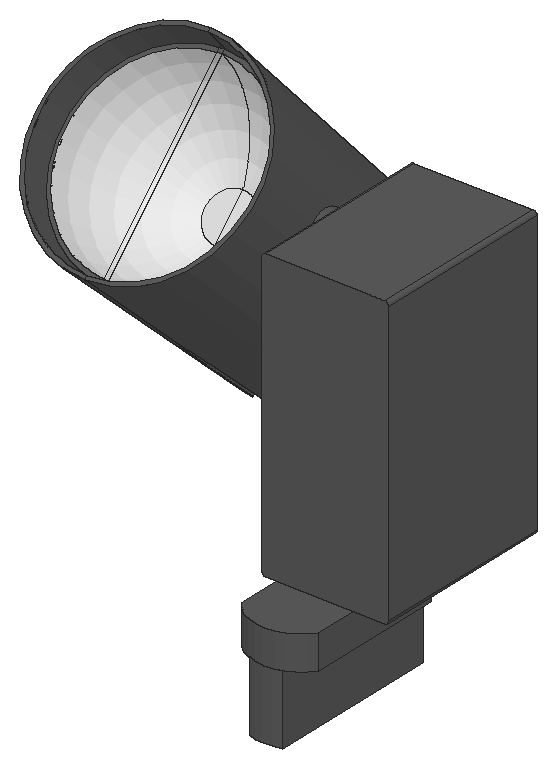
Revit family "0004836 Feilo Sylvania Lighting Fixture START TRACK SPOT S 14W 3K RA80 MB BLACK", category Lighting Fixtures, host Face, Revit 2017 (continued)
Definition of nested family "Start Track Spot Head"
  Types (96, lengths in mm): name | Wattage | built-in parameter 1150134 | Photometric Web File | Model | built-in parameter 1150105 | Lumens | built-in parameter 1150107 | built-in parameter 1150106 | HeadThickness_FEILO | HeadRibOffset_FEILO | HeadRibDepth_FEILO | HeadRibCutWidth_FEILO | HeadRibCutOffset_FEILO | HeadReflectorRadius_FEILO | HeadReflectorOffset_FEILO | HeadLEDRadius_FEILO | HeadHeight_FEILO | HeadDiffusorOffset_FEILO | HeadDiaOut_FEILO | HeadDiaIn_FEILO | HeadAxisFromTop_FEILO | Emit from Circle Diameter | built-in parameter 1150104 | Description | Apparent Load
    0004864 START TRACK SPOT S 24W 3K RA90 WB WHITE | 24 W | (empty or 0) | "0004864.ies" | "START TRACK SPOT S 24W 3K RA90 WB WHITE" | 152.79 (stored number, unit not read) | 1920 lm | 3000 (stored number, unit not read) | 1.5279 (stored number, unit not read) | 1.5 | 4.179 | 55.714 | 7.167 | 50.87 | 50.588 | 55.714 | 9.556 | 117 | 9.435 | 86 | 77.477 | 69.354 | 77.477 | 7.4322 (stored number, unit not read) | "Integrated LED spotlight, Textured White - RAL9016, compact and minimalist design, ideal for retail applications, die-cast aluminium body, passive cooling heatsink. Beam angle: 64°, color temperature: 3000K , total system power: 24W, total fixture output: 1928 lm, LOR: 100%, colour rendering: Ra: 90 typical, LED Chromaticity: 3 step MacAdam ellipse, lifetime: >50000 hours at L70B50, energy class: A++, A+, A, IR/UV free light source without heat radiation, operating voltage: 220-240V / 50-60Hz, drive current: 600mA, electronic driver, non-dimmable, power factor: 0.95, electrical protection: Class II, Global Track 3 Phase adapter suitable for Global trac 3-circuit tracks, ingress protection rating: IP20, suitable for internal environment only, horizontal rotation: 355°, vertical tilt: 90°, dimensions: Ø86x140x200, weight: 0.966kg." | 24 VA
    0004863 START TRACK SPOT S 24W 3K RA90 MB WHITE | 24 W | (empty or 0) | "0004863.ies" | "START TRACK SPOT S 24W 3K RA90 MB WHITE" | 154.7 (stored number, unit not read) | 1944 lm | 3000 (stored number, unit not read) | 1.547 (stored number, unit not read) | 1.5 | 4.179 | 55.714 | 7.167 | 50.87 | 50.588 | 55.714 | 9.556 | 117 | 9.435 | 86 | 77.477 | 69.354 | 77.477 | 7.5251 (stored number, unit not read) | "Integrated LED spotlight, Textured White - RAL9016, compact and minimalist design, ideal for retail applications, die-cast aluminium body, passive cooling heatsink. Beam angle: 36°, color temperature: 3000K , total system power: 24W, total fixture output: 1944 lm, LOR: 100%, colour rendering: Ra: 90 typical, LED Chromaticity: 3 step MacAdam ellipse, lifetime: >50000 hours at L70B50, energy class: A++, A+, A, IR/UV free light source without heat radiation, operating voltage: 220-240V / 50-60Hz, drive current: 600mA, electronic driver, non-dimmable, power factor: 0.95, electrical protection: Class II, Global Track 3 Phase adapter suitable for Global trac 3-circuit tracks, ingress protection rating: IP20, suitable for internal environment only, horizontal rotation: 355°, vertical tilt: 90°, dimensions: Ø86x140x200, weight: 0.966kg." | 24 VA
    0004862 START TRACK SPOT S 24W 3K RA90 NB WHITE | 24 W | (empty or 0) | "0004862.ies" | "START TRACK SPOT S 24W 3K RA90 NB WHITE" | 158.52 (stored number, unit not read) | 1992 lm | 3000 (stored number, unit not read) | 1.5852 (stored number, unit not read) | 1.5 | 4.179 | 55.714 | 7.167 | 50.87 | 50.588 | 55.714 | 9.556 | 117 | 9.435 | 86 | 77.477 | 69.354 | 77.477 | 7.711 (stored number, unit not read) | "Integrated LED spotlight, Textured White - RAL9016, compact and minimalist design, ideal for retail applications, die-cast aluminium body, passive cooling heatsink. Beam angle: 12°, color temperature: 3000K , total system power: 24W, total fixture output: 1987 lm, LOR: 100%, colour rendering: Ra: 90 typical, LED Chromaticity: 3 step MacAdam ellipse, lifetime: >50000 hours at L70B50, energy class: A++, A+, A, IR/UV free light source without heat radiation, operating voltage: 220-240V / 50-60Hz, drive current: 600mA, electronic driver, non-dimmable, power factor: 0.95, electrical protection: Class II, Global Track 3 Phase adapter suitable for Global trac 3-circuit tracks, ingress protection rating: IP20, suitable for internal environment only, horizontal rotation: 355°, vertical tilt: 90°, dimensions: Ø86x140x200, weight: 0.966kg." | 24 VA
    0004861 START TRACK SPOT S 14W 3K RA90 WB WHITE | 14 W | (empty or 0) | "0004861.ies" | "START TRACK SPOT S 14W 3K RA90 WB WHITE" | 100.27 (stored number, unit not read) | 1260 lm | 3000 (stored number, unit not read) | 1.0027 (stored number, unit not read) | 1.5 | 4.179 | 55.714 | 7.167 | 50.87 | 50.588 | 55.714 | 9.556 | 117 | 9.435 | 86 | 77.477 | 69.354 | 77.477 | 8.3613 (stored number, unit not read) | "Integrated LED spotlight, Textured White - RAL9016, compact and minimalist design, ideal for retail applications, die-cast aluminium body, passive cooling heatsink. Beam angle: 64°, color temperature: 3000K , total system power: 14W, total fixture output: 1262 lm, LOR: 100%, colour rendering: Ra: 90 typical, LED Chromaticity: 3 step MacAdam ellipse, lifetime: >50000 hours at L70B50, energy class: A++, A+, A, IR/UV free light source without heat radiation, operating voltage: 220-240V / 50-60Hz, drive current: 350mA, electronic driver, non-dimmable, power factor: 0.92, electrical protection: Class II, Global Track 3 Phase adapter suitable for Global trac 3-circuit tracks, ingress protection rating: IP20, suitable for internal environment only, horizontal rotation: 355°, vertical tilt: 90°, dimensions: Ø86x140x200, weight: 0.940kg." | 14 VA
    0004860 START TRACK SPOT S 14W 3K RA90 MB WHITE | 14 W | (empty or 0) | "0004860.ies" | "START TRACK SPOT S 14W 3K RA90 MB WHITE" | 100.27 (stored number, unit not read) | 1260 lm | 3000 (stored number, unit not read) | 1.0027 (stored number, unit not read) | 1.5 | 4.179 | 55.714 | 7.167 | 50.87 | 50.588 | 55.714 | 9.556 | 117 | 9.435 | 86 | 77.477 | 69.354 | 77.477 | 8.3613 (stored number, unit not read) | "Integrated LED spotlight, Textured White - RAL9016, compact and minimalist design, ideal for retail applications, die-cast aluminium body, passive cooling heatsink. Beam angle: 36°, color temperature: 3000K , total system power: 14W, total fixture output: 1262 lm, LOR: 100%, colour rendering: Ra: 90 typical, LED Chromaticity: 3 step MacAdam ellipse, lifetime: >50000 hours at L70B50, energy class: A++, A+, A, IR/UV free light source without heat radiation, operating voltage: 220-240V / 50-60Hz, drive current: 350mA, electronic driver, non-dimmable, power factor: 0.92, electrical protection: Class II, Global Track 3 Phase adapter suitable for Global trac 3-circuit tracks, ingress protection rating: IP20, suitable for internal environment only, horizontal rotation: 355°, vertical tilt: 90°, dimensions: Ø86x140x200, weight: 0.940kg." | 14 VA
    0004859 START TRACK SPOT S 14W 3K RA90 NB WHITE | 14 W | (empty or 0) | "0004859.ies" | "START TRACK SPOT S 14W 3K RA90 NB WHITE" | 102.5 (stored number, unit not read) | 1288 lm | 3000 (stored number, unit not read) | 1.025 (stored number, unit not read) | 1.5 | 4.179 | 55.714 | 7.167 | 50.87 | 50.588 | 55.714 | 9.556 | 117 | 9.435 | 86 | 77.477 | 69.354 | 77.477 | 8.5471 (stored number, unit not read) | "Integrated LED spotlight, Textured White - RAL9016, compact and minimalist design, ideal for retail applications, die-cast aluminium body, passive cooling heatsink. Beam angle: 12°, color temperature: 3000K , total system power: 14W, total fixture output: 1284 lm, LOR: 100%, colour rendering: Ra: 90 typical, LED Chromaticity: 3 step MacAdam ellipse, lifetime: >50000 hours at L70B50, energy class: A++, A+, A, IR/UV free light source without heat radiation, operating voltage: 220-240V / 50-60Hz, drive current: 350mA, electronic driver, non-dimmable, power factor: 0.92, electrical protection: Class II, Global Track 3 Phase adapter suitable for Global trac 3-circuit tracks, ingress protection rating: IP20, suitable for internal environment only, horizontal rotation: 355°, vertical tilt: 90°, dimensions: Ø86x140x200, weight: 0.940kg." | 14 VA
    0004858 START TRACK SPOT L 55W 4K RA80 WB BLACK | 55 W | 12 | "0004858.ies" | "START TRACK SPOT L 55W 4K RA80 WB BLACK" | 424.55 (stored number, unit not read) | 5335 lm | 4000 (stored number, unit not read) | 4.2455 (stored number, unit not read) | 2 | 4.429 | 59.048 | 9.417 | 53.913 | 66.471 | 59.048 | 12.556 | 124 | 10 | 113 | 101.802 | 73.503 | 101.802 | 9.0116 (stored number, unit not read) | "Integrated LED spotlight, Textured Black - RAL9005, compact and minimalist design, ideal for retail applications, die-cast aluminium body, passive cooling heatsink. Beam angle: 52°, color temperature: 4000K , total system power: 55W, total fixture output: 5320 lm, LOR: 100%, colour rendering: Ra: 80 typical, LED Chromaticity: 3 step MacAdam ellipse, lifetime: >50000 hours at L70B50, energy class: A++, A+, A, IR/UV free light source without heat radiation, operating voltage: 220-240V / 50-60Hz, drive current: 1400mA, electronic driver, non-dimmable, power factor: 0.96, electrical protection: Class II, Global Track 3 Phase adapter suitable for Global trac 3-circuit tracks, ingress protection rating: IP20, suitable for internal environment only, horizontal rotation: 355°, vertical tilt: 90°, dimensions: Ø113x164x240, weight: 1.398kg." | 55 VA
    0004857 START TRACK SPOT L 55W 4K RA80 MB BLACK | 55 W | 12 | "0004857.ies" | "START TRACK SPOT L 55W 4K RA80 MB BLACK" | 428.92 (stored number, unit not read) | 5390 lm | 4000 (stored number, unit not read) | 4.2892 (stored number, unit not read) | 2 | 4.429 | 59.048 | 9.417 | 53.913 | 66.471 | 59.048 | 12.556 | 124 | 10 | 113 | 101.802 | 73.503 | 101.802 | 9.1045 (stored number, unit not read) | "Integrated LED spotlight, Textured Black - RAL9005, compact and minimalist design, ideal for retail applications, die-cast aluminium body, passive cooling heatsink. Beam angle: 38°, color temperature: 4000K , total system power: 55W, total fixture output: 5378 lm, LOR: 100%, colour rendering: Ra: 80 typical, LED Chromaticity: 3 step MacAdam ellipse, lifetime: >50000 hours at L70B50, energy class: A++, A+, A, IR/UV free light source without heat radiation, operating voltage: 220-240V / 50-60Hz, drive current: 1400mA, electronic driver, non-dimmable, power factor: 0.96, electrical protection: Class II, Global Track 3 Phase adapter suitable for Global trac 3-circuit tracks, ingress protection rating: IP20, suitable for internal environment only, horizontal rotation: 355°, vertical tilt: 90°, dimensions: Ø113x164x240, weight: 1.398kg." | 55 VA
    0004856 START TRACK SPOT L 55W 4K RA80 NB BLACK | 55 W | 12 | "0004856.ies" | "START TRACK SPOT L 55W 4K RA80 NB BLACK" | 433.3 (stored number, unit not read) | 5445 lm | 4000 (stored number, unit not read) | 4.333 (stored number, unit not read) | 2 | 4.429 | 59.048 | 9.417 | 53.913 | 66.471 | 59.048 | 12.556 | 124 | 10 | 113 | 101.802 | 73.503 | 101.802 | 9.1974 (stored number, unit not read) | "Integrated LED spotlight, Textured Black - RAL9005, compact and minimalist design, ideal for retail applications, die-cast aluminium body, passive cooling heatsink. Beam angle: 15°, color temperature: 4000K , total system power: 55W, total fixture output: 5426 lm, LOR: 100%, colour rendering: Ra: 80 typical, LED Chromaticity: 3 step MacAdam ellipse, lifetime: >50000 hours at L70B50, energy class: A++, A+, A, IR/UV free light source without heat radiation, operating voltage: 220-240V / 50-60Hz, drive current: 1400mA, electronic driver, non-dimmable, power factor: 0.96, electrical protection: Class II, Global Track 3 Phase adapter suitable for Global trac 3-circuit tracks, ingress protection rating: IP20, suitable for internal environment only, horizontal rotation: 355°, vertical tilt: 90°, dimensions: Ø113x164x240, weight: 1.398kg." | 55 VA
    0004855 START TRACK SPOT L 35W 4K RA80 WB BLACK | 35 W | 12 | "0004855.ies" | "START TRACK SPOT L 35W 4K RA80 WB BLACK" | 320.3 (stored number, unit not read) | 4025 lm | 4000 (stored number, unit not read) | 3.203 (stored number, unit not read) | 2 | 4.429 | 59.048 | 9.417 | 53.913 | 66.471 | 59.048 | 12.556 | 124 | 10 | 113 | 101.802 | 73.503 | 101.802 | 10.684 (stored number, unit not read) | "Integrated LED spotlight, Textured Black - RAL9005, compact and minimalist design, ideal for retail applications, die-cast aluminium body, passive cooling heatsink. Beam angle: 52°, color temperature: 4000K , total system power: 35W, total fixture output: 4010 lm, LOR: 100%, colour rendering: Ra: 80 typical, LED Chromaticity: 3 step MacAdam ellipse, lifetime: >50000 hours at L70B50, energy class: A++, A+, A, IR/UV free light source without heat radiation, operating voltage: 220-240V / 50-60Hz, drive current: 900mA, electronic driver, non-dimmable, power factor: 0.93, electrical protection: Class II, Global Track 3 Phase adapter suitable for Global trac 3-circuit tracks, ingress protection rating: IP20, suitable for internal environment only, horizontal rotation: 355°, vertical tilt: 90°, dimensions: Ø113x164x240, weight: 1.368kg." | 35 VA
    0004854 START TRACK SPOT L 35W 4K RA80 MB BLACK | 35 W | 12 | "0004854.ies" | "START TRACK SPOT L 35W 4K RA80 MB BLACK" | 320.3 (stored number, unit not read) | 4025 lm | 4000 (stored number, unit not read) | 3.203 (stored number, unit not read) | 2 | 4.429 | 59.048 | 9.417 | 53.913 | 66.471 | 59.048 | 12.556 | 124 | 10 | 113 | 101.802 | 73.503 | 101.802 | 10.684 (stored number, unit not read) | "Integrated LED spotlight, Textured Black - RAL9005, compact and minimalist design, ideal for retail applications, die-cast aluminium body, passive cooling heatsink. Beam angle: 38°, color temperature: 4000K , total system power: 35W, total fixture output: 4017 lm, LOR: 100%, colour rendering: Ra: 80 typical, LED Chromaticity: 3 step MacAdam ellipse, lifetime: >50000 hours at L70B50, energy class: A++, A+, A, IR/UV free light source without heat radiation, operating voltage: 220-240V / 50-60Hz, drive current: 900mA, electronic driver, non-dimmable, power factor: 0.93, electrical protection: Class II, Global Track 3 Phase adapter suitable for Global trac 3-circuit tracks, ingress protection rating: IP20, suitable for internal environment only, horizontal rotation: 355°, vertical tilt: 90°, dimensions: Ø113x164x240, weight: 1.368kg." | 35 VA
    0004853 START TRACK SPOT L 35W 4K RA80 NB BLACK | 35 W | 12 | "0004853.ies" | "START TRACK SPOT L 35W 4K RA80 NB BLACK" | 331.44 (stored number, unit not read) | 4165 lm | 4000 (stored number, unit not read) | 3.3144 (stored number, unit not read) | 2 | 4.429 | 59.048 | 9.417 | 53.913 | 66.471 | 59.048 | 12.556 | 124 | 10 | 113 | 101.802 | 73.503 | 101.802 | 11.055 (stored number, unit not read) | "Integrated LED spotlight, Textured Black - RAL9005, compact and minimalist design, ideal for retail applications, die-cast aluminium body, passive cooling heatsink. Beam angle: 15°, color temperature: 4000K , total system power: 35W, total fixture output: 4174 lm, LOR: 100%, colour rendering: Ra: 80 typical, LED Chromaticity: 3 step MacAdam ellipse, lifetime: >50000 hours at L70B50, energy class: A++, A+, A, IR/UV free light source without heat radiation, operating voltage: 220-240V / 50-60Hz, drive current: 900mA, electronic driver, non-dimmable, power factor: 0.93, electrical protection: Class II, Global Track 3 Phase adapter suitable for Global trac 3-circuit tracks, ingress protection rating: IP20, suitable for internal environment only, horizontal rotation: 355°, vertical tilt: 90°, dimensions: Ø113x164x240, weight: 1.368kg." | 35 VA
    0004852 START TRACK SPOT S 24W 4K RA80 WB BLACK | 24 W | 12 | "0004852.ies" | "START TRACK SPOT S 24W 4K RA80 WB BLACK" | 196.72 (stored number, unit not read) | 2472 lm | 4000 (stored number, unit not read) | 1.9672 (stored number, unit not read) | 1.5 | 4.179 | 55.714 | 7.167 | 50.87 | 50.588 | 55.714 | 9.556 | 117 | 9.435 | 86 | 77.477 | 69.354 | 77.477 | 9.569 (stored number, unit not read) | "Integrated LED spotlight, Textured Black - RAL9005, compact and minimalist design, ideal for retail applications, die-cast aluminium body, passive cooling heatsink. Beam angle: 64°, color temperature: 4000K , total system power: 24W, total fixture output: 2476 lm, LOR: 100%, colour rendering: Ra: 80 typical, LED Chromaticity: 3 step MacAdam ellipse, lifetime: >50000 hours at L70B50, energy class: A++, A+, A, IR/UV free light source without heat radiation, operating voltage: 220-240V / 50-60Hz, drive current: 600mA, electronic driver, non-dimmable, power factor: 0.95, electrical protection: Class II, Global Track 3 Phase adapter suitable for Global trac 3-circuit tracks, ingress protection rating: IP20, suitable for internal environment only, horizontal rotation: 355°, vertical tilt: 90°, dimensions: Ø86x140x200, weight: 0.966kg." | 24 VA
    0004851 START TRACK SPOT S 24W 4K RA80 MB BLACK | 24 W | 12 | "0004851.ies" | "START TRACK SPOT S 24W 4K RA80 MB BLACK" | 198.63 (stored number, unit not read) | 2496 lm | 4000 (stored number, unit not read) | 1.9863 (stored number, unit not read) | 1.5 | 4.179 | 55.714 | 7.167 | 50.87 | 50.588 | 55.714 | 9.556 | 117 | 9.435 | 86 | 77.477 | 69.354 | 77.477 | 9.6619 (stored number, unit not read) | "Integrated LED spotlight, Textured Black - RAL9005, compact and minimalist design, ideal for retail applications, die-cast aluminium body, passive cooling heatsink. Beam angle: 36°, color temperature: 4000K , total system power: 24W, total fixture output: 2487 lm, LOR: 100%, colour rendering: Ra: 80 typical, LED Chromaticity: 3 step MacAdam ellipse, lifetime: >50000 hours at L70B50, energy class: A++, A+, A, IR/UV free light source without heat radiation, operating voltage: 220-240V / 50-60Hz, drive current: 600mA, electronic driver, non-dimmable, power factor: 0.95, electrical protection: Class II, Global Track 3 Phase adapter suitable for Global trac 3-circuit tracks, ingress protection rating: IP20, suitable for internal environment only, horizontal rotation: 355°, vertical tilt: 90°, dimensions: Ø86x140x200, weight: 0.966kg." | 24 VA
    0004850 START TRACK SPOT S 24W 4K RA80 NB BLACK | 24 W | 12 | "0004850.ies" | "START TRACK SPOT S 24W 4K RA80 NB BLACK" | 200.54 (stored number, unit not read) | 2520 lm | 4000 (stored number, unit not read) | 2.0054 (stored number, unit not read) | 1.5 | 4.179 | 55.714 | 7.167 | 50.87 | 50.588 | 55.714 | 9.556 | 117 | 9.435 | 86 | 77.477 | 69.354 | 77.477 | 9.7548 (stored number, unit not read) | "Integrated LED spotlight, Textured Black - RAL9005, compact and minimalist design, ideal for retail applications, die-cast aluminium body, passive cooling heatsink. Beam angle: 12°, color temperature: 4000K , total system power: 24W, total fixture output: 2529 lm, LOR: 100%, colour rendering: Ra: 80 typical, LED Chromaticity: 3 step MacAdam ellipse, lifetime: >50000 hours at L70B50, energy class: A++, A+, A, IR/UV free light source without heat radiation, operating voltage: 220-240V / 50-60Hz, drive current: 600mA, electronic driver, non-dimmable, power factor: 0.95, electrical protection: Class II, Global Track 3 Phase adapter suitable for Global trac 3-circuit tracks, ingress protection rating: IP20, suitable for internal environment only, horizontal rotation: 355°, vertical tilt: 90°, dimensions: Ø86x140x200, weight: 0.966kg." | 24 VA
    0004849 START TRACK SPOT S 14W 4K RA80 WB BLACK | 14 W | 12 | "0004849.ies" | "START TRACK SPOT S 14W 4K RA80 WB BLACK" | 123.66 (stored number, unit not read) | 1554 lm | 4000 (stored number, unit not read) | 1.2366 (stored number, unit not read) | 1.5 | 4.179 | 55.714 | 7.167 | 50.87 | 50.588 | 55.714 | 9.556 | 117 | 9.435 | 86 | 77.477 | 69.354 | 77.477 | 10.312 (stored number, unit not read) | "Integrated LED spotlight, Textured Black - RAL9005, compact and minimalist design, ideal for retail applications, die-cast aluminium body, passive cooling heatsink. Beam angle: 64°, color temperature: 4000K , total system power: 14W, total fixture output: 1558 lm, LOR: 100%, colour rendering: Ra: 80 typical, LED Chromaticity: 3 step MacAdam ellipse, lifetime: >50000 hours at L70B50, energy class: A++, A+, A, IR/UV free light source without heat radiation, operating voltage: 220-240V / 50-60Hz, drive current: 350mA, electronic driver, non-dimmable, power factor: 0.92, electrical protection: Class II, Global Track 3 Phase adapter suitable for Global trac 3-circuit tracks, ingress protection rating: IP20, suitable for internal environment only, horizontal rotation: 355°, vertical tilt: 90°, dimensions: Ø86x140x200, weight: 0.940kg." | 14 VA
    0004848 START TRACK SPOT S 14W 4K RA80 MB BLACK | 14 W | 12 | "0004848.ies" | "START TRACK SPOT S 14W 4K RA80 MB BLACK" | 127.01 (stored number, unit not read) | 1596 lm | 4000 (stored number, unit not read) | 1.2701 (stored number, unit not read) | 1.5 | 4.179 | 55.714 | 7.167 | 50.87 | 50.588 | 55.714 | 9.556 | 117 | 9.435 | 86 | 77.477 | 69.354 | 77.477 | 10.591 (stored number, unit not read) | "Integrated LED spotlight, Textured Black - RAL9005, compact and minimalist design, ideal for retail applications, die-cast aluminium body, passive cooling heatsink. Beam angle: 36°, color temperature: 4000K , total system power: 14W, total fixture output: 1598 lm, LOR: 100%, colour rendering: Ra: 80 typical, LED Chromaticity: 3 step MacAdam ellipse, lifetime: >50000 hours at L70B50, energy class: A++, A+, A, IR/UV free light source without heat radiation, operating voltage: 220-240V / 50-60Hz, drive current: 350mA, electronic driver, non-dimmable, power factor: 0.92, electrical protection: Class II, Global Track 3 Phase adapter suitable for Global trac 3-circuit tracks, ingress protection rating: IP20, suitable for internal environment only, horizontal rotation: 355°, vertical tilt: 90°, dimensions: Ø86x140x200, weight: 0.940kg." | 14 VA
    0004847 START TRACK SPOT S 14W 4K RA80 NB BLACK | 14 W | 12 | "0004847.ies" | "START TRACK SPOT S 14W 4K RA80 NB BLACK" | 128.12 (stored number, unit not read) | 1610 lm | 4000 (stored number, unit not read) | 1.2812 (stored number, unit not read) | 1.5 | 4.179 | 55.714 | 7.167 | 50.87 | 50.588 | 55.714 | 9.556 | 117 | 9.435 | 86 | 77.477 | 69.354 | 77.477 | 10.684 (stored number, unit not read) | "Integrated LED spotlight, Textured Black - RAL9005, compact and minimalist design, ideal for retail applications, die-cast aluminium body, passive cooling heatsink. Beam angle: 12°, color temperature: 4000K , total system power: 14W, total fixture output: 1608 lm, LOR: 100%, colour rendering: Ra: 80 typical, LED Chromaticity: 3 step MacAdam ellipse, lifetime: >50000 hours at L70B50, energy class: A++, A+, A, IR/UV free light source without heat radiation, operating voltage: 220-240V / 50-60Hz, drive current: 350mA, electronic driver, non-dimmable, power factor: 0.92, electrical protection: Class II, Global Track 3 Phase adapter suitable for Global trac 3-circuit tracks, ingress protection rating: IP20, suitable for internal environment only, horizontal rotation: 355°, vertical tilt: 90°, dimensions: Ø86x140x200, weight: 0.940kg." | 14 VA
    0004846 START TRACK SPOT L 55W 3K RA80 WB BLACK | 55 W | (empty or 0) | "0004846.ies" | "START TRACK SPOT L 55W 3K RA80 WB BLACK" | 420.17 (stored number, unit not read) | 5280 lm | 3000 (stored number, unit not read) | 4.2017 (stored number, unit not read) | 2 | 4.429 | 59.048 | 9.417 | 53.913 | 66.471 | 59.048 | 12.556 | 124 | 10 | 113 | 101.802 | 73.503 | 101.802 | 8.9187 (stored number, unit not read) | "Integrated LED spotlight, Textured Black - RAL9005, compact and minimalist design, ideal for retail applications, die-cast aluminium body, passive cooling heatsink. Beam angle: 52°, color temperature: 3000K , total system power: 55W, total fixture output: 5298 lm, LOR: 100%, colour rendering: Ra: 80 typical, LED Chromaticity: 3 step MacAdam ellipse, lifetime: >50000 hours at L70B50, energy class: A++, A+, A, IR/UV free light source without heat radiation, operating voltage: 220-240V / 50-60Hz, drive current: 1400mA, electronic driver, non-dimmable, power factor: 0.96, electrical protection: Class II, Global Track 3 Phase adapter suitable for Global trac 3-circuit tracks, ingress protection rating: IP20, suitable for internal environment only, horizontal rotation: 355°, vertical tilt: 90°, dimensions: Ø113x164x240, weight: 1.398kg." | 55 VA
    0004845 START TRACK SPOT L 55W 3K RA80 MB BLACK | 55 W | (empty or 0) | "0004845.ies" | "START TRACK SPOT L 55W 3K RA80 MB BLACK" | 428.92 (stored number, unit not read) | 5390 lm | 3000 (stored number, unit not read) | 4.2892 (stored number, unit not read) | 2 | 4.429 | 59.048 | 9.417 | 53.913 | 66.471 | 59.048 | 12.556 | 124 | 10 | 113 | 101.802 | 73.503 | 101.802 | 9.1045 (stored number, unit not read) | "Integrated LED spotlight, Textured Black - RAL9005, compact and minimalist design, ideal for retail applications, die-cast aluminium body, passive cooling heatsink. Beam angle: 38°, color temperature: 3000K , total system power: 55W, total fixture output: 5381 lm, LOR: 100%, colour rendering: Ra: 80 typical, LED Chromaticity: 3 step MacAdam ellipse, lifetime: >50000 hours at L70B50, energy class: A++, A+, A, IR/UV free light source without heat radiation, operating voltage: 220-240V / 50-60Hz, drive current: 1400mA, electronic driver, non-dimmable, power factor: 0.96, electrical protection: Class II, Global Track 3 Phase adapter suitable for Global trac 3-circuit tracks, ingress protection rating: IP20, suitable for internal environment only, horizontal rotation: 355°, vertical tilt: 90°, dimensions: Ø113x164x240, weight: 1.398kg." | 55 VA
    0004844 START TRACK SPOT L 55W 3K RA80 NB BLACK | 55 W | (empty or 0) | "0004844.ies" | "START TRACK SPOT L 55W 3K RA80 NB BLACK" | 433.3 (stored number, unit not read) | 5445 lm | 3000 (stored number, unit not read) | 4.333 (stored number, unit not read) | 2 | 4.429 | 59.048 | 9.417 | 53.913 | 66.471 | 59.048 | 12.556 | 124 | 10 | 113 | 101.802 | 73.503 | 101.802 | 9.1974 (stored number, unit not read) | "Integrated LED spotlight, Textured Black - RAL9005, compact and minimalist design, ideal for retail applications, die-cast aluminium body, passive cooling heatsink. Beam angle: 15°, color temperature: 3000K , total system power: 55W, total fixture output: 5449 lm, LOR: 100%, colour rendering: Ra: 80 typical, LED Chromaticity: 3 step MacAdam ellipse, lifetime: >50000 hours at L70B50, energy class: A++, A+, A, IR/UV free light source without heat radiation, operating voltage: 220-240V / 50-60Hz, drive current: 1400mA, electronic driver, non-dimmable, power factor: 0.96, electrical protection: Class II, Global Track 3 Phase adapter suitable for Global trac 3-circuit tracks, ingress protection rating: IP20, suitable for internal environment only, horizontal rotation: 355°, vertical tilt: 90°, dimensions: Ø113x164x240, weight: 1.398kg." | 55 VA
    0004843 START TRACK SPOT L 35W 3K RA80 WB BLACK | 35 W | (empty or 0) | "0004843.ies" | "START TRACK SPOT L 35W 3K RA80 WB BLACK" | 314.73 (stored number, unit not read) | 3955 lm | 3000 (stored number, unit not read) | 3.1473 (stored number, unit not read) | 2 | 4.429 | 59.048 | 9.417 | 53.913 | 66.471 | 59.048 | 12.556 | 124 | 10 | 113 | 101.802 | 73.503 | 101.802 | 10.498 (stored number, unit not read) | "Integrated LED spotlight, Textured Black - RAL9005, compact and minimalist design, ideal for retail applications, die-cast aluminium body, passive cooling heatsink. Beam angle: 52°, color temperature: 3000K , total system power: 35W, total fixture output: 3943 lm, LOR: 100%, colour rendering: Ra: 80 typical, LED Chromaticity: 3 step MacAdam ellipse, lifetime: >50000 hours at L70B50, energy class: A++, A+, A, IR/UV free light source without heat radiation, operating voltage: 220-240V / 50-60Hz, drive current: 900mA, electronic driver, non-dimmable, power factor: 0.93, electrical protection: Class II, Global Track 3 Phase adapter suitable for Global trac 3-circuit tracks, ingress protection rating: IP20, suitable for internal environment only, horizontal rotation: 355°, vertical tilt: 90°, dimensions: Ø113x164x240, weight: 1.368kg." | 35 VA
    0004842 START TRACK SPOT L 35W 3K RA80 MB BLACK | 35 W | (empty or 0) | "0004842.ies" | "START TRACK SPOT L 35W 3K RA80 MB BLACK" | 320.3 (stored number, unit not read) | 4025 lm | 3000 (stored number, unit not read) | 3.203 (stored number, unit not read) | 2 | 4.429 | 59.048 | 9.417 | 53.913 | 66.471 | 59.048 | 12.556 | 124 | 10 | 113 | 101.802 | 73.503 | 101.802 | 10.684 (stored number, unit not read) | "Integrated LED spotlight, Textured Black - RAL9005, compact and minimalist design, ideal for retail applications, die-cast aluminium body, passive cooling heatsink. Beam angle: 38°, color temperature: 3000K , total system power: 35W, total fixture output: 4008 lm, LOR: 100%, colour rendering: Ra: 80 typical, LED Chromaticity: 3 step MacAdam ellipse, lifetime: >50000 hours at L70B50, energy class: A++, A+, A, IR/UV free light source without heat radiation, operating voltage: 220-240V / 50-60Hz, drive current: 900mA, electronic driver, non-dimmable, power factor: 0.93, electrical protection: Class II, Global Track 3 Phase adapter suitable for Global trac 3-circuit tracks, ingress protection rating: IP20, suitable for internal environment only, horizontal rotation: 355°, vertical tilt: 90°, dimensions: Ø113x164x240, weight: 1.368kg." | 35 VA
    0004841 START TRACK SPOT L 35W 3K RA80 NB BLACK | 35 W | (empty or 0) | "0004841.ies" | "START TRACK SPOT L 35W 3K RA80 NB BLACK" | 317.51 (stored number, unit not read) | 3990 lm | 3000 (stored number, unit not read) | 3.1751 (stored number, unit not read) | 2 | 4.429 | 59.048 | 9.417 | 53.913 | 66.471 | 59.048 | 12.556 | 124 | 10 | 113 | 101.802 | 73.503 | 101.802 | 10.591 (stored number, unit not read) | "Integrated LED spotlight, Textured Black - RAL9005, compact and minimalist design, ideal for retail applications, die-cast aluminium body, passive cooling heatsink. Beam angle: 15°, color temperature: 3000K , total system power: 35W, total fixture output: 4005 lm, LOR: 100%, colour rendering: Ra: 80 typical, LED Chromaticity: 3 step MacAdam ellipse, lifetime: >50000 hours at L70B50, energy class: A++, A+, A, IR/UV free light source without heat radiation, operating voltage: 220-240V / 50-60Hz, drive current: 900mA, electronic driver, non-dimmable, power factor: 0.93, electrical protection: Class II, Global Track 3 Phase adapter suitable for Global trac 3-circuit tracks, ingress protection rating: IP20, suitable for internal environment only, horizontal rotation: 355°, vertical tilt: 90°, dimensions: Ø113x164x240, weight: 1.368kg." | 35 VA
    0004840 START TRACK SPOT S 24W 3K RA80 WB BLACK | 24 W | (empty or 0) | "0004840.ies" | "START TRACK SPOT S 24W 3K RA80 WB BLACK" | 185.26 (stored number, unit not read) | 2328 lm | 3000 (stored number, unit not read) | 1.8526 (stored number, unit not read) | 1.5 | 4.179 | 55.714 | 7.167 | 50.87 | 50.588 | 55.714 | 9.556 | 117 | 9.435 | 86 | 77.477 | 69.354 | 77.477 | 9.0116 (stored number, unit not read) | "Integrated LED spotlight, Textured Black - RAL9005, compact and minimalist design, ideal for retail applications, die-cast aluminium body, passive cooling heatsink. Beam angle: 64°, color temperature: 3000K , total system power: 24W, total fixture output: 2318 lm, LOR: 100%, colour rendering: Ra: 80 typical, LED Chromaticity: 3 step MacAdam ellipse, lifetime: >50000 hours at L70B50, energy class: A++, A+, A, IR/UV free light source without heat radiation, operating voltage: 220-240V / 50-60Hz, drive current: 600mA, electronic driver, non-dimmable, power factor: 0.95, electrical protection: Class II, Global Track 3 Phase adapter suitable for Global trac 3-circuit tracks, ingress protection rating: IP20, suitable for internal environment only, horizontal rotation: 355°, vertical tilt: 90°, dimensions: Ø86x140x200, weight: 0.966kg." | 24 VA
    0004839 START TRACK SPOT S 24W 3K RA80 MB BLACK | 24 W | (empty or 0) | "0004839.ies" | "START TRACK SPOT S 24W 3K RA80 MB BLACK" | 183.35 (stored number, unit not read) | 2304 lm | 3000 (stored number, unit not read) | 1.8335 (stored number, unit not read) | 1.5 | 4.179 | 55.714 | 7.167 | 50.87 | 50.588 | 55.714 | 9.556 | 117 | 9.435 | 86 | 77.477 | 69.354 | 77.477 | 8.9187 (stored number, unit not read) | "Integrated LED spotlight, Textured Black - RAL9005, compact and minimalist design, ideal for retail applications, die-cast aluminium body, passive cooling heatsink. Beam angle: 36°, color temperature: 3000K , total system power: 24W, total fixture output: 2314 lm, LOR: 100%, colour rendering: Ra: 80 typical, LED Chromaticity: 3 step MacAdam ellipse, lifetime: >50000 hours at L70B50, energy class: A++, A+, A, IR/UV free light source without heat radiation, operating voltage: 220-240V / 50-60Hz, drive current: 600mA, electronic driver, non-dimmable, power factor: 0.95, electrical protection: Class II, Global Track 3 Phase adapter suitable for Global trac 3-circuit tracks, ingress protection rating: IP20, suitable for internal environment only, horizontal rotation: 355°, vertical tilt: 90°, dimensions: Ø86x140x200, weight: 0.966kg." | 24 VA
    0004838 START TRACK SPOT S 24W 3K RA80 NB BLACK | 24 W | (empty or 0) | "0004838.ies" | "START TRACK SPOT S 24W 3K RA80 NB BLACK" | 185.26 (stored number, unit not read) | 2328 lm | 3000 (stored number, unit not read) | 1.8526 (stored number, unit not read) | 1.5 | 4.179 | 55.714 | 7.167 | 50.87 | 50.588 | 55.714 | 9.556 | 117 | 9.435 | 86 | 77.477 | 69.354 | 77.477 | 9.0116 (stored number, unit not read) | "Integrated LED spotlight, Textured Black - RAL9005, compact and minimalist design, ideal for retail applications, die-cast aluminium body, passive cooling heatsink. Beam angle: 12°, color temperature: 3000K , total system power: 24W, total fixture output: 2334 lm, LOR: 100%, colour rendering: Ra: 80 typical, LED Chromaticity: 3 step MacAdam ellipse, lifetime: >50000 hours at L70B50, energy class: A++, A+, A, IR/UV free light source without heat radiation, operating voltage: 220-240V / 50-60Hz, drive current: 600mA, electronic driver, non-dimmable, power factor: 0.95, electrical protection: Class II, Global Track 3 Phase adapter suitable for Global trac 3-circuit tracks, ingress protection rating: IP20, suitable for internal environment only, horizontal rotation: 355°, vertical tilt: 90°, dimensions: Ø86x140x200, weight: 0.966kg." | 24 VA
    0004837 START TRACK SPOT S 14W 3K RA80 WB BLACK | 14 W | (empty or 0) | "0004837.ies" | "START TRACK SPOT S 14W 3K RA80 WB BLACK" | 119.21 (stored number, unit not read) | 1498 lm | 3000 (stored number, unit not read) | 1.1921 (stored number, unit not read) | 1.5 | 4.179 | 55.714 | 7.167 | 50.87 | 50.588 | 55.714 | 9.556 | 117 | 9.435 | 86 | 77.477 | 69.354 | 77.477 | 9.9406 (stored number, unit not read) | "Integrated LED spotlight, Textured Black - RAL9005, compact and minimalist design, ideal for retail applications, die-cast aluminium body, passive cooling heatsink. Beam angle: 64°, color temperature: 3000K , total system power: 14W, total fixture output: 1498 lm, LOR: 100%, colour rendering: Ra: 80 typical, LED Chromaticity: 3 step MacAdam ellipse, lifetime: >50000 hours at L70B50, energy class: A++, A+, A, IR/UV free light source without heat radiation, operating voltage: 220-240V / 50-60Hz, drive current: 350mA, electronic driver, non-dimmable, power factor: 0.92, electrical protection: Class II, Global Track 3 Phase adapter suitable for Global trac 3-circuit tracks, ingress protection rating: IP20, suitable for internal environment only, horizontal rotation: 355°, vertical tilt: 90°, dimensions: Ø86x140x200, weight: 0.940kg." | 14 VA
    0004836 START TRACK SPOT S 14W 3K RA80 MB BLACK | 14 W | (empty or 0) | "0004836.ies" | "START TRACK SPOT S 14W 3K RA80 MB BLACK" | 120.32 (stored number, unit not read) | 1512 lm | 3000 (stored number, unit not read) | 1.2032 (stored number, unit not read) | 1.5 | 4.179 | 55.714 | 7.167 | 50.87 | 50.588 | 55.714 | 9.556 | 117 | 9.435 | 86 | 77.477 | 69.354 | 77.477 | 10.034 (stored number, unit not read) | "Integrated LED spotlight, Textured Black - RAL9005, compact and minimalist design, ideal for retail applications, die-cast aluminium body, passive cooling heatsink. Beam angle: 36°, color temperature: 3000K , total system power: 14W, total fixture output: 1508 lm, LOR: 100%, colour rendering: Ra: 80 typical, LED Chromaticity: 3 step MacAdam ellipse, lifetime: >50000 hours at L70B50, energy class: A++, A+, A, IR/UV free light source without heat radiation, operating voltage: 220-240V / 50-60Hz, drive current: 350mA, electronic driver, non-dimmable, power factor: 0.92, electrical protection: Class II, Global Track 3 Phase adapter suitable for Global trac 3-circuit tracks, ingress protection rating: IP20, suitable for internal environment only, horizontal rotation: 355°, vertical tilt: 90°, dimensions: Ø86x140x200, weight: 0.940kg." | 14 VA
    0004835 START TRACK SPOT S 14W 3K RA80 NB BLACK | 14 W | (empty or 0) | "0004835.ies" | "START TRACK SPOT S 14W 3K RA80 NB BLACK" | 123.66 (stored number, unit not read) | 1554 lm | 3000 (stored number, unit not read) | 1.2366 (stored number, unit not read) | 1.5 | 4.179 | 55.714 | 7.167 | 50.87 | 50.588 | 55.714 | 9.556 | 117 | 9.435 | 86 | 77.477 | 69.354 | 77.477 | 10.312 (stored number, unit not read) | "Integrated LED spotlight, Textured Black - RAL9005, compact and minimalist design, ideal for retail applications, die-cast aluminium body, passive cooling heatsink. Beam angle: 12°, color temperature: 3000K , total system power: 14W, total fixture output: 1551 lm, LOR: 100%, colour rendering: Ra: 80 typical, LED Chromaticity: 3 step MacAdam ellipse, lifetime: >50000 hours at L70B50, energy class: A++, A+, A, IR/UV free light source without heat radiation, operating voltage: 220-240V / 50-60Hz, drive current: 350mA, electronic driver, non-dimmable, power factor: 0.92, electrical protection: Class II, Global Track 3 Phase adapter suitable for Global trac 3-circuit tracks, ingress protection rating: IP20, suitable for internal environment only, horizontal rotation: 355°, vertical tilt: 90°, dimensions: Ø86x140x200, weight: 0.940kg." | 14 VA
    0004834 START TRACK SPOT L 55W 4K RA80 WB WHITE | 55 W | 12 | "0004834.ies" | "START TRACK SPOT L 55W 4K RA80 WB WHITE" | 424.55 (stored number, unit not read) | 5335 lm | 4000 (stored number, unit not read) | 4.2455 (stored number, unit not read) | 2 | 4.429 | 59.048 | 9.417 | 53.913 | 66.471 | 59.048 | 12.556 | 124 | 10 | 113 | 101.802 | 73.503 | 101.802 | 9.0116 (stored number, unit not read) | "Integrated LED spotlight, Textured White - RAL9016, compact and minimalist design, ideal for retail applications, die-cast aluminium body, passive cooling heatsink. Beam angle: 52°, color temperature: 4000K , total system power: 55W, total fixture output: 5320 lm, LOR: 100%, colour rendering: Ra: 80 typical, LED Chromaticity: 3 step MacAdam ellipse, lifetime: >50000 hours at L70B50, energy class: A++, A+, A, IR/UV free light source without heat radiation, operating voltage: 220-240V / 50-60Hz, drive current: 1400mA, electronic driver, non-dimmable, power factor: 0.96, electrical protection: Class II, Global Track 3 Phase adapter suitable for Global trac 3-circuit tracks, ingress protection rating: IP20, suitable for internal environment only, horizontal rotation: 355°, vertical tilt: 90°, dimensions: Ø113x164x240, weight: 1.398kg." | 55 VA
    0004833 START TRACK SPOT L 55W 4K RA80 MB WHITE | 55 W | 12 | "0004833.ies" | "START TRACK SPOT L 55W 4K RA80 MB WHITE" | 428.92 (stored number, unit not read) | 5390 lm | 4000 (stored number, unit not read) | 4.2892 (stored number, unit not read) | 2 | 4.429 | 59.048 | 9.417 | 53.913 | 66.471 | 59.048 | 12.556 | 124 | 10 | 113 | 101.802 | 73.503 | 101.802 | 9.1045 (stored number, unit not read) | "Integrated LED spotlight, Textured White - RAL9016, compact and minimalist design, ideal for retail applications, die-cast aluminium body, passive cooling heatsink. Beam angle: 38°, color temperature: 4000K , total system power: 55W, total fixture output: 5378 lm, LOR: 100%, colour rendering: Ra: 80 typical, LED Chromaticity: 3 step MacAdam ellipse, lifetime: >50000 hours at L70B50, energy class: A++, A+, A, IR/UV free light source without heat radiation, operating voltage: 220-240V / 50-60Hz, drive current: 1400mA, electronic driver, non-dimmable, power factor: 0.96, electrical protection: Class II, Global Track 3 Phase adapter suitable for Global trac 3-circuit tracks, ingress protection rating: IP20, suitable for internal environment only, horizontal rotation: 355°, vertical tilt: 90°, dimensions: Ø113x164x240, weight: 1.398kg." | 55 VA
    0004832 START TRACK SPOT L 55W 4K RA80 NB WHITE | 55 W | 12 | "0004832.ies" | "START TRACK SPOT L 55W 4K RA80 NB WHITE" | 433.3 (stored number, unit not read) | 5445 lm | 4000 (stored number, unit not read) | 4.333 (stored number, unit not read) | 2 | 4.429 | 59.048 | 9.417 | 53.913 | 66.471 | 59.048 | 12.556 | 124 | 10 | 113 | 101.802 | 73.503 | 101.802 | 9.1974 (stored number, unit not read) | "Integrated LED spotlight, Textured White - RAL9016, compact and minimalist design, ideal for retail applications, die-cast aluminium body, passive cooling heatsink. Beam angle: 15°, color temperature: 4000K , total system power: 55W, total fixture output: 5426 lm, LOR: 100%, colour rendering: Ra: 80 typical, LED Chromaticity: 3 step MacAdam ellipse, lifetime: >50000 hours at L70B50, energy class: A++, A+, A, IR/UV free light source without heat radiation, operating voltage: 220-240V / 50-60Hz, drive current: 1400mA, electronic driver, non-dimmable, power factor: 0.96, electrical protection: Class II, Global Track 3 Phase adapter suitable for Global trac 3-circuit tracks, ingress protection rating: IP20, suitable for internal environment only, horizontal rotation: 355°, vertical tilt: 90°, dimensions: Ø113x164x240, weight: 1.398kg." | 55 VA
    0004831 START TRACK SPOT L 35W 4K RA80 WB WHITE | 35 W | 12 | "0004831.ies" | "START TRACK SPOT L 35W 4K RA80 WB WHITE" | 320.3 (stored number, unit not read) | 4025 lm | 4000 (stored number, unit not read) | 3.203 (stored number, unit not read) | 2 | 4.429 | 59.048 | 9.417 | 53.913 | 66.471 | 59.048 | 12.556 | 124 | 10 | 113 | 101.802 | 73.503 | 101.802 | 10.684 (stored number, unit not read) | "Integrated LED spotlight, Textured White - RAL9016, compact and minimalist design, ideal for retail applications, die-cast aluminium body, passive cooling heatsink. Beam angle: 52°, color temperature: 4000K , total system power: 35W, total fixture output: 4010 lm, LOR: 100%, colour rendering: Ra: 80 typical, LED Chromaticity: 3 step MacAdam ellipse, lifetime: >50000 hours at L70B50, energy class: A++, A+, A, IR/UV free light source without heat radiation, operating voltage: 220-240V / 50-60Hz, drive current: 900mA, electronic driver, non-dimmable, power factor: 0.93, electrical protection: Class II, Global Track 3 Phase adapter suitable for Global trac 3-circuit tracks, ingress protection rating: IP20, suitable for internal environment only, horizontal rotation: 355°, vertical tilt: 90°, dimensions: Ø113x164x240, weight: 1.368kg." | 35 VA
    0004830 START TRACK SPOT L 35W 4K RA80 MB WHITE | 35 W | 12 | "0004830.ies" | "START TRACK SPOT L 35W 4K RA80 MB WHITE" | 320.3 (stored number, unit not read) | 4025 lm | 4000 (stored number, unit not read) | 3.203 (stored number, unit not read) | 2 | 4.429 | 59.048 | 9.417 | 53.913 | 66.471 | 59.048 | 12.556 | 124 | 10 | 113 | 101.802 | 73.503 | 101.802 | 10.684 (stored number, unit not read) | "Integrated LED spotlight, Textured White - RAL9016, compact and minimalist design, ideal for retail applications, die-cast aluminium body, passive cooling heatsink. Beam angle: 38°, color temperature: 4000K , total system power: 35W, total fixture output: 4017 lm, LOR: 100%, colour rendering: Ra: 80 typical, LED Chromaticity: 3 step MacAdam ellipse, lifetime: >50000 hours at L70B50, energy class: A++, A+, A, IR/UV free light source without heat radiation, operating voltage: 220-240V / 50-60Hz, drive current: 900mA, electronic driver, non-dimmable, power factor: 0.93, electrical protection: Class II, Global Track 3 Phase adapter suitable for Global trac 3-circuit tracks, ingress protection rating: IP20, suitable for internal environment only, horizontal rotation: 355°, vertical tilt: 90°, dimensions: Ø113x164x240, weight: 1.368kg." | 35 VA
    0004829 START TRACK SPOT L 35W 4K RA80 NB WHITE | 35 W | 12 | "0004829.ies" | "START TRACK SPOT L 35W 4K RA80 NB WHITE" | 331.44 (stored number, unit not read) | 4165 lm | 4000 (stored number, unit not read) | 3.3144 (stored number, unit not read) | 2 | 4.429 | 59.048 | 9.417 | 53.913 | 66.471 | 59.048 | 12.556 | 124 | 10 | 113 | 101.802 | 73.503 | 101.802 | 11.055 (stored number, unit not read) | "Integrated LED spotlight, Textured White - RAL9016, compact and minimalist design, ideal for retail applications, die-cast aluminium body, passive cooling heatsink. Beam angle: 15°, color temperature: 4000K , total system power: 35W, total fixture output: 4174 lm, LOR: 100%, colour rendering: Ra: 80 typical, LED Chromaticity: 3 step MacAdam ellipse, lifetime: >50000 hours at L70B50, energy class: A++, A+, A, IR/UV free light source without heat radiation, operating voltage: 220-240V / 50-60Hz, drive current: 900mA, electronic driver, non-dimmable, power factor: 0.93, electrical protection: Class II, Global Track 3 Phase adapter suitable for Global trac 3-circuit tracks, ingress protection rating: IP20, suitable for internal environment only, horizontal rotation: 355°, vertical tilt: 90°, dimensions: Ø113x164x240, weight: 1.368kg." | 35 VA
    0004828 START TRACK SPOT S 24W 4K RA80 WB WHITE | 24 W | 12 | "0004828.ies" | "START TRACK SPOT S 24W 4K RA80 WB WHITE" | 196.72 (stored number, unit not read) | 2472 lm | 4000 (stored number, unit not read) | 1.9672 (stored number, unit not read) | 1.5 | 4.179 | 55.714 | 7.167 | 50.87 | 50.588 | 55.714 | 9.556 | 117 | 9.435 | 86 | 77.477 | 69.354 | 77.477 | 9.569 (stored number, unit not read) | "Integrated LED spotlight, Textured White - RAL9016, compact and minimalist design, ideal for retail applications, die-cast aluminium body, passive cooling heatsink. Beam angle: 64°, color temperature: 4000K , total system power: 24W, total fixture output: 2476 lm, LOR: 100%, colour rendering: Ra: 80 typical, LED Chromaticity: 3 step MacAdam ellipse, lifetime: >50000 hours at L70B50, energy class: A++, A+, A, IR/UV free light source without heat radiation, operating voltage: 220-240V / 50-60Hz, drive current: 600mA, electronic driver, non-dimmable, power factor: 0.95, electrical protection: Class II, Global Track 3 Phase adapter suitable for Global trac 3-circuit tracks, ingress protection rating: IP20, suitable for internal environment only, horizontal rotation: 355°, vertical tilt: 90°, dimensions: Ø86x140x200, weight: 0.966kg." | 24 VA
    0004827 START TRACK SPOT S 24W 4K RA80 MB WHITE | 24 W | 12 | "0004827.ies" | "START TRACK SPOT S 24W 4K RA80 MB WHITE" | 198.63 (stored number, unit not read) | 2496 lm | 4000 (stored number, unit not read) | 1.9863 (stored number, unit not read) | 1.5 | 4.179 | 55.714 | 7.167 | 50.87 | 50.588 | 55.714 | 9.556 | 117 | 9.435 | 86 | 77.477 | 69.354 | 77.477 | 9.6619 (stored number, unit not read) | "Integrated LED spotlight, Textured White - RAL9016, compact and minimalist design, ideal for retail applications, die-cast aluminium body, passive cooling heatsink. Beam angle: 36°, color temperature: 4000K , total system power: 24W, total fixture output: 2487 lm, LOR: 100%, colour rendering: Ra: 80 typical, LED Chromaticity: 3 step MacAdam ellipse, lifetime: >50000 hours at L70B50, energy class: A++, A+, A, IR/UV free light source without heat radiation, operating voltage: 220-240V / 50-60Hz, drive current: 600mA, electronic driver, non-dimmable, power factor: 0.95, electrical protection: Class II, Global Track 3 Phase adapter suitable for Global trac 3-circuit tracks, ingress protection rating: IP20, suitable for internal environment only, horizontal rotation: 355°, vertical tilt: 90°, dimensions: Ø86x140x200, weight: 0.966kg." | 24 VA
    0004826 START TRACK SPOT S 24W 4K RA80 NB WHITE | 24 W | 12 | "0004826.ies" | "START TRACK SPOT S 24W 4K RA80 NB WHITE" | 200.54 (stored number, unit not read) | 2520 lm | 4000 (stored number, unit not read) | 2.0054 (stored number, unit not read) | 1.5 | 4.179 | 55.714 | 7.167 | 50.87 | 50.588 | 55.714 | 9.556 | 117 | 9.435 | 86 | 77.477 | 69.354 | 77.477 | 9.7548 (stored number, unit not read) | "Integrated LED spotlight, Textured White - RAL9016, compact and minimalist design, ideal for retail applications, die-cast aluminium body, passive cooling heatsink. Beam angle: 12°, color temperature: 4000K , total system power: 24W, total fixture output: 2529 lm, LOR: 100%, colour rendering: Ra: 80 typical, LED Chromaticity: 3 step MacAdam ellipse, lifetime: >50000 hours at L70B50, energy class: A++, A+, A, IR/UV free light source without heat radiation, operating voltage: 220-240V / 50-60Hz, drive current: 600mA, electronic driver, non-dimmable, power factor: 0.95, electrical protection: Class II, Global Track 3 Phase adapter suitable for Global trac 3-circuit tracks, ingress protection rating: IP20, suitable for internal environment only, horizontal rotation: 355°, vertical tilt: 90°, dimensions: Ø86x140x200, weight: 0.966kg." | 24 VA
    0004825 START TRACK SPOT S 14W 4K RA80 WB WHITE | 14 W | 12 | "0004825.ies" | "START TRACK SPOT S 14W 4K RA80 WB WHITE" | 123.66 (stored number, unit not read) | 1554 lm | 4000 (stored number, unit not read) | 1.2366 (stored number, unit not read) | 1.5 | 4.179 | 55.714 | 7.167 | 50.87 | 50.588 | 55.714 | 9.556 | 117 | 9.435 | 86 | 77.477 | 69.354 | 77.477 | 10.312 (stored number, unit not read) | "Integrated LED spotlight, Textured White - RAL9016, compact and minimalist design, ideal for retail applications, die-cast aluminium body, passive cooling heatsink. Beam angle: 64°, color temperature: 4000K , total system power: 14W, total fixture output: 1558 lm, LOR: 100%, colour rendering: Ra: 80 typical, LED Chromaticity: 3 step MacAdam ellipse, lifetime: >50000 hours at L70B50, energy class: A++, A+, A, IR/UV free light source without heat radiation, operating voltage: 220-240V / 50-60Hz, drive current: 350mA, electronic driver, non-dimmable, power factor: 0.92, electrical protection: Class II, Global Track 3 Phase adapter suitable for Global trac 3-circuit tracks, ingress protection rating: IP20, suitable for internal environment only, horizontal rotation: 355°, vertical tilt: 90°, dimensions: Ø86x140x200, weight: 0.940kg." | 14 VA
    0004824 START TRACK SPOT S 14W 4K RA80 MB WHITE | 14 W | 12 | "0004824.ies" | "START TRACK SPOT S 14W 4K RA80 MB WHITE" | 127.01 (stored number, unit not read) | 1596 lm | 4000 (stored number, unit not read) | 1.2701 (stored number, unit not read) | 1.5 | 4.179 | 55.714 | 7.167 | 50.87 | 50.588 | 55.714 | 9.556 | 117 | 9.435 | 86 | 77.477 | 69.354 | 77.477 | 10.591 (stored number, unit not read) | "Integrated LED spotlight, Textured White - RAL9016, compact and minimalist design, ideal for retail applications, die-cast aluminium body, passive cooling heatsink. Beam angle: 36°, color temperature: 4000K , total system power: 14W, total fixture output: 1598 lm, LOR: 100%, colour rendering: Ra: 80 typical, LED Chromaticity: 3 step MacAdam ellipse, lifetime: >50000 hours at L70B50, energy class: A++, A+, A, IR/UV free light source without heat radiation, operating voltage: 220-240V / 50-60Hz, drive current: 350mA, electronic driver, non-dimmable, power factor: 0.92, electrical protection: Class II, Global Track 3 Phase adapter suitable for Global trac 3-circuit tracks, ingress protection rating: IP20, suitable for internal environment only, horizontal rotation: 355°, vertical tilt: 90°, dimensions: Ø86x140x200, weight: 0.940kg." | 14 VA
    0004823 START TRACK SPOT S 14W 4K RA80 NB WHITE | 14 W | 12 | "0004823.ies" | "START TRACK SPOT S 14W 4K RA80 NB WHITE" | 128.12 (stored number, unit not read) | 1610 lm | 4000 (stored number, unit not read) | 1.2812 (stored number, unit not read) | 1.5 | 4.179 | 55.714 | 7.167 | 50.87 | 50.588 | 55.714 | 9.556 | 117 | 9.435 | 86 | 77.477 | 69.354 | 77.477 | 10.684 (stored number, unit not read) | "Integrated LED spotlight, Textured White - RAL9016, compact and minimalist design, ideal for retail applications, die-cast aluminium body, passive cooling heatsink. Beam angle: 12°, color temperature: 4000K , total system power: 14W, total fixture output: 1608 lm, LOR: 100%, colour rendering: Ra: 80 typical, LED Chromaticity: 3 step MacAdam ellipse, lifetime: >50000 hours at L70B50, energy class: A++, A+, A, IR/UV free light source without heat radiation, operating voltage: 220-240V / 50-60Hz, drive current: 350mA, electronic driver, non-dimmable, power factor: 0.92, electrical protection: Class II, Global Track 3 Phase adapter suitable for Global trac 3-circuit tracks, ingress protection rating: IP20, suitable for internal environment only, horizontal rotation: 355°, vertical tilt: 90°, dimensions: Ø86x140x200, weight: 0.940kg." | 14 VA
    0004822 START TRACK SPOT L 55W 3K RA80 WB WHITE | 55 W | (empty or 0) | "0004822.ies" | "START TRACK SPOT L 55W 3K RA80 WB WHITE" | 420.17 (stored number, unit not read) | 5280 lm | 3000 (stored number, unit not read) | 4.2017 (stored number, unit not read) | 2 | 4.429 | 59.048 | 9.417 | 53.913 | 66.471 | 59.048 | 12.556 | 124 | 10 | 113 | 101.802 | 73.503 | 101.802 | 8.9187 (stored number, unit not read) | "Integrated LED spotlight, Textured White - RAL9016, compact and minimalist design, ideal for retail applications, die-cast aluminium body, passive cooling heatsink. Beam angle: 52°, color temperature: 3000K , total system power: 55W, total fixture output: 5298 lm, LOR: 100%, colour rendering: Ra: 80 typical, LED Chromaticity: 3 step MacAdam ellipse, lifetime: >50000 hours at L70B50, energy class: A++, A+, A, IR/UV free light source without heat radiation, operating voltage: 220-240V / 50-60Hz, drive current: 1400mA, electronic driver, non-dimmable, power factor: 0.96, electrical protection: Class II, Global Track 3 Phase adapter suitable for Global trac 3-circuit tracks, ingress protection rating: IP20, suitable for internal environment only, horizontal rotation: 355°, vertical tilt: 90°, dimensions: Ø113x164x240, weight: 1.398kg." | 55 VA
    0004821 START TRACK SPOT L 55W 3K RA80 MB WHITE | 55 W | (empty or 0) | "0004821.ies" | "START TRACK SPOT L 55W 3K RA80 MB WHITE" | 428.92 (stored number, unit not read) | 5390 lm | 3000 (stored number, unit not read) | 4.2892 (stored number, unit not read) | 2 | 4.429 | 59.048 | 9.417 | 53.913 | 66.471 | 59.048 | 12.556 | 124 | 10 | 113 | 101.802 | 73.503 | 101.802 | 9.1045 (stored number, unit not read) | "Integrated LED spotlight, Textured White - RAL9016, compact and minimalist design, ideal for retail applications, die-cast aluminium body, passive cooling heatsink. Beam angle: 38°, color temperature: 3000K , total system power: 55W, total fixture output: 5381 lm, LOR: 100%, colour rendering: Ra: 80 typical, LED Chromaticity: 3 step MacAdam ellipse, lifetime: >50000 hours at L70B50, energy class: A++, A+, A, IR/UV free light source without heat radiation, operating voltage: 220-240V / 50-60Hz, drive current: 1400mA, electronic driver, non-dimmable, power factor: 0.96, electrical protection: Class II, Global Track 3 Phase adapter suitable for Global trac 3-circuit tracks, ingress protection rating: IP20, suitable for internal environment only, horizontal rotation: 355°, vertical tilt: 90°, dimensions: Ø113x164x240, weight: 1.398kg." | 55 VA
    0004820 START TRACK SPOT L 55W 3K RA80 NB WHITE | 55 W | (empty or 0) | "0004820.ies" | "START TRACK SPOT L 55W 3K RA80 NB WHITE" | 433.3 (stored number, unit not read) | 5445 lm | 3000 (stored number, unit not read) | 4.333 (stored number, unit not read) | 2 | 4.429 | 59.048 | 9.417 | 53.913 | 66.471 | 59.048 | 12.556 | 124 | 10 | 113 | 101.802 | 73.503 | 101.802 | 9.1974 (stored number, unit not read) | "Integrated LED spotlight, Textured White - RAL9016, compact and minimalist design, ideal for retail applications, die-cast aluminium body, passive cooling heatsink. Beam angle: 15°, color temperature: 3000K , total system power: 55W, total fixture output: 5449 lm, LOR: 100%, colour rendering: Ra: 80 typical, LED Chromaticity: 3 step MacAdam ellipse, lifetime: >50000 hours at L70B50, energy class: A++, A+, A, IR/UV free light source without heat radiation, operating voltage: 220-240V / 50-60Hz, drive current: 1400mA, electronic driver, non-dimmable, power factor: 0.96, electrical protection: Class II, Global Track 3 Phase adapter suitable for Global trac 3-circuit tracks, ingress protection rating: IP20, suitable for internal environment only, horizontal rotation: 355°, vertical tilt: 90°, dimensions: Ø113x164x240, weight: 1.398kg." | 55 VA
    0004819 START TRACK SPOT L 35W 3K RA80 WB WHITE | 35 W | (empty or 0) | "0004819.ies" | "START TRACK SPOT L 35W 3K RA80 WB WHITE" | 314.73 (stored number, unit not read) | 3955 lm | 3000 (stored number, unit not read) | 3.1473 (stored number, unit not read) | 2 | 4.429 | 59.048 | 9.417 | 53.913 | 66.471 | 59.048 | 12.556 | 124 | 10 | 113 | 101.802 | 73.503 | 101.802 | 10.498 (stored number, unit not read) | "Integrated LED spotlight, Textured White - RAL9016, compact and minimalist design, ideal for retail applications, die-cast aluminium body, passive cooling heatsink. Beam angle: 52°, color temperature: 3000K , total system power: 35W, total fixture output: 3943 lm, LOR: 100%, colour rendering: Ra: 80 typical, LED Chromaticity: 3 step MacAdam ellipse, lifetime: >50000 hours at L70B50, energy class: A++, A+, A, IR/UV free light source without heat radiation, operating voltage: 220-240V / 50-60Hz, drive current: 900mA, electronic driver, non-dimmable, power factor: 0.93, electrical protection: Class II, Global Track 3 Phase adapter suitable for Global trac 3-circuit tracks, ingress protection rating: IP20, suitable for internal environment only, horizontal rotation: 355°, vertical tilt: 90°, dimensions: Ø113x164x240, weight: 1.368kg." | 35 VA
    0004818 START TRACK SPOT L 35W 3K RA80 MB WHITE | 35 W | (empty or 0) | "0004818.ies" | "START TRACK SPOT L 35W 3K RA80 MB WHITE" | 320.3 (stored number, unit not read) | 4025 lm | 3000 (stored number, unit not read) | 3.203 (stored number, unit not read) | 2 | 4.429 | 59.048 | 9.417 | 53.913 | 66.471 | 59.048 | 12.556 | 124 | 10 | 113 | 101.802 | 73.503 | 101.802 | 10.684 (stored number, unit not read) | "Integrated LED spotlight, Textured White - RAL9016, compact and minimalist design, ideal for retail applications, die-cast aluminium body, passive cooling heatsink. Beam angle: 38°, color temperature: 3000K , total system power: 35W, total fixture output: 4008 lm, LOR: 100%, colour rendering: Ra: 80 typical, LED Chromaticity: 3 step MacAdam ellipse, lifetime: >50000 hours at L70B50, energy class: A++, A+, A, IR/UV free light source without heat radiation, operating voltage: 220-240V / 50-60Hz, drive current: 900mA, electronic driver, non-dimmable, power factor: 0.93, electrical protection: Class II, Global Track 3 Phase adapter suitable for Global trac 3-circuit tracks, ingress protection rating: IP20, suitable for internal environment only, horizontal rotation: 355°, vertical tilt: 90°, dimensions: Ø113x164x240, weight: 1.368kg." | 35 VA
    0004817 START TRACK SPOT L 35W 3K RA80 NB WHITE | 35 W | (empty or 0) | "0004817.ies" | "START TRACK SPOT L 35W 3K RA80 NB WHITE" | 317.51 (stored number, unit not read) | 3990 lm | 3000 (stored number, unit not read) | 3.1751 (stored number, unit not read) | 2 | 4.429 | 59.048 | 9.417 | 53.913 | 66.471 | 59.048 | 12.556 | 124 | 10 | 113 | 101.802 | 73.503 | 101.802 | 10.591 (stored number, unit not read) | "Integrated LED spotlight, Textured White - RAL9016, compact and minimalist design, ideal for retail applications, die-cast aluminium body, passive cooling heatsink. Beam angle: 15°, color temperature: 3000K , total system power: 35W, total fixture output: 4005 lm, LOR: 100%, colour rendering: Ra: 80 typical, LED Chromaticity: 3 step MacAdam ellipse, lifetime: >50000 hours at L70B50, energy class: A++, A+, A, IR/UV free light source without heat radiation, operating voltage: 220-240V / 50-60Hz, drive current: 900mA, electronic driver, non-dimmable, power factor: 0.93, electrical protection: Class II, Global Track 3 Phase adapter suitable for Global trac 3-circuit tracks, ingress protection rating: IP20, suitable for internal environment only, horizontal rotation: 355°, vertical tilt: 90°, dimensions: Ø113x164x240, weight: 1.368kg." | 35 VA
    0004816 START TRACK SPOT S 24W 3K RA80 WB WHITE | 24 W | (empty or 0) | "0004816.ies" | "START TRACK SPOT S 24W 3K RA80 WB WHITE" | 185.26 (stored number, unit not read) | 2328 lm | 3000 (stored number, unit not read) | 1.8526 (stored number, unit not read) | 1.5 | 4.179 | 55.714 | 7.167 | 50.87 | 50.588 | 55.714 | 9.556 | 117 | 9.435 | 86 | 77.477 | 69.354 | 77.477 | 9.0116 (stored number, unit not read) | "Integrated LED spotlight, Textured White - RAL9016, compact and minimalist design, ideal for retail applications, die-cast aluminium body, passive cooling heatsink. Beam angle: 64°, color temperature: 3000K , total system power: 24W, total fixture output: 2318 lm, LOR: 100%, colour rendering: Ra: 80 typical, LED Chromaticity: 3 step MacAdam ellipse, lifetime: >50000 hours at L70B50, energy class: A++, A+, A, IR/UV free light source without heat radiation, operating voltage: 220-240V / 50-60Hz, drive current: 600mA, electronic driver, non-dimmable, power factor: 0.95, electrical protection: Class II, Global Track 3 Phase adapter suitable for Global trac 3-circuit tracks, ingress protection rating: IP20, suitable for internal environment only, horizontal rotation: 355°, vertical tilt: 90°, dimensions: Ø86x140x200, weight: 0.966kg." | 24 VA
    0004815 START TRACK SPOT S 24W 3K RA80 MB WHITE | 24 W | (empty or 0) | "0004815.ies" | "START TRACK SPOT S 24W 3K RA80 MB WHITE" | 183.35 (stored number, unit not read) | 2304 lm | 3000 (stored number, unit not read) | 1.8335 (stored number, unit not read) | 1.5 | 4.179 | 55.714 | 7.167 | 50.87 | 50.588 | 55.714 | 9.556 | 117 | 9.435 | 86 | 77.477 | 69.354 | 77.477 | 8.9187 (stored number, unit not read) | "Integrated LED spotlight, Textured White - RAL9016, compact and minimalist design, ideal for retail applications, die-cast aluminium body, passive cooling heatsink. Beam angle: 36°, color temperature: 3000K , total system power: 24W, total fixture output: 2314 lm, LOR: 100%, colour rendering: Ra: 80 typical, LED Chromaticity: 3 step MacAdam ellipse, lifetime: >50000 hours at L70B50, energy class: A++, A+, A, IR/UV free light source without heat radiation, operating voltage: 220-240V / 50-60Hz, drive current: 600mA, electronic driver, non-dimmable, power factor: 0.95, electrical protection: Class II, Global Track 3 Phase adapter suitable for Global trac 3-circuit tracks, ingress protection rating: IP20, suitable for internal environment only, horizontal rotation: 355°, vertical tilt: 90°, dimensions: Ø86x140x200, weight: 0.966kg." | 24 VA
    0004814 START TRACK SPOT S 24W 3K RA80 NB WHITE | 24 W | (empty or 0) | "0004814.ies" | "START TRACK SPOT S 24W 3K RA80 NB WHITE" | 185.26 (stored number, unit not read) | 2328 lm | 3000 (stored number, unit not read) | 1.8526 (stored number, unit not read) | 1.5 | 4.179 | 55.714 | 7.167 | 50.87 | 50.588 | 55.714 | 9.556 | 117 | 9.435 | 86 | 77.477 | 69.354 | 77.477 | 9.0116 (stored number, unit not read) | "Integrated LED spotlight, Textured White - RAL9016, compact and minimalist design, ideal for retail applications, die-cast aluminium body, passive cooling heatsink. Beam angle: 12°, color temperature: 3000K , total system power: 24W, total fixture output: 2334 lm, LOR: 100%, colour rendering: Ra: 80 typical, LED Chromaticity: 3 step MacAdam ellipse, lifetime: >50000 hours at L70B50, energy class: A++, A+, A, IR/UV free light source without heat radiation, operating voltage: 220-240V / 50-60Hz, drive current: 600mA, electronic driver, non-dimmable, power factor: 0.95, electrical protection: Class II, Global Track 3 Phase adapter suitable for Global trac 3-circuit tracks, ingress protection rating: IP20, suitable for internal environment only, horizontal rotation: 355°, vertical tilt: 90°, dimensions: Ø86x140x200, weight: 0.966kg." | 24 VA
    0004813 START TRACK SPOT S 14W 3K RA80 WB WHITE | 14 W | (empty or 0) | "0004813.ies" | "START TRACK SPOT S 14W 3K RA80 WB WHITE" | 119.21 (stored number, unit not read) | 1498 lm | 3000 (stored number, unit not read) | 1.1921 (stored number, unit not read) | 1.5 | 4.179 | 55.714 | 7.167 | 50.87 | 50.588 | 55.714 | 9.556 | 117 | 9.435 | 86 | 77.477 | 69.354 | 77.477 | 9.9406 (stored number, unit not read) | "Integrated LED spotlight, Textured White - RAL9016, compact and minimalist design, ideal for retail applications, die-cast aluminium body, passive cooling heatsink. Beam angle: 64°, color temperature: 3000K , total system power: 14W, total fixture output: 1498 lm, LOR: 100%, colour rendering: Ra: 80 typical, LED Chromaticity: 3 step MacAdam ellipse, lifetime: >50000 hours at L70B50, energy class: A++, A+, A, IR/UV free light source without heat radiation, operating voltage: 220-240V / 50-60Hz, drive current: 350mA, electronic driver, non-dimmable, power factor: 0.92, electrical protection: Class II, Global Track 3 Phase adapter suitable for Global trac 3-circuit tracks, ingress protection rating: IP20, suitable for internal environment only, horizontal rotation: 355°, vertical tilt: 90°, dimensions: Ø86x140x200, weight: 0.940kg." | 14 VA
